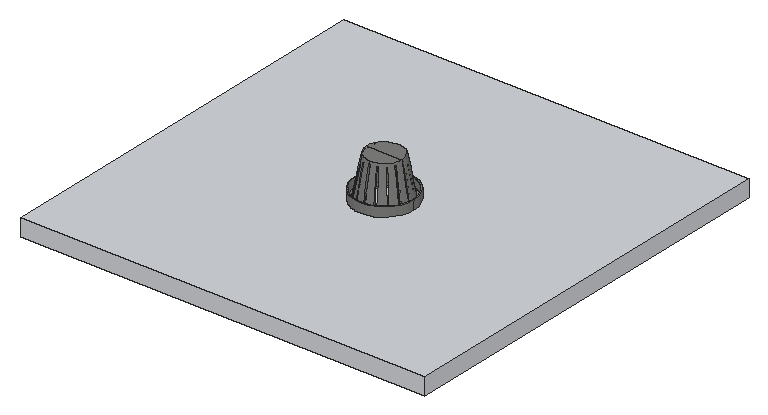
Revit family
Parameters (values of type "5"")
  URL = "WWW.MIFAB.COM"
  Top Diameter = 14.125"
  Roof Drain = Roof Drain
  R1 = 5.000"
  Pipe Radius = 2.500"
  Pipe Diameter = Pipe Radius * 2  # 5.000"
  Model = "R1200-SR"
  Manufacturer = "MIFAB"
  H3 = Body Height / 3.375  # 1.81481"
  H2 = Body Height / 1.99  # 3.07789"
  H1 = Body Height / 1.53  # 4.00327"
  Description = "LARGE SUMP ROOF DRAIN WITH PARABOLIC FLOW CONTROL WEIR"
  Default Elevation = 48.000"
  Body Height = 6.125"
Types (7): name | Pipe Radius | Pipe Diameter | H3 | H2 | H1 | Body Height
  (no name) | 2.500" | 5.000" | 1.81481" | 3.07789" | 4.00327" | 6.125"
  4" | 2.000" | 4.000" | 1.81481" | 3.07789" | 4.00327" | 6.125"
  2" | 1.000" | 2.000" | 1.81481" | 3.07789" | 4.00327" | 6.125"
  3" | 1.500" | 3.000" | 1.81481" | 3.07789" | 4.00327" | 6.125"
  5" | 2.500" | 5.000" | 1.81481" | 3.07789" | 4.00327" | 6.125"
  6" | 3.000" | 6.000" | 2.37037" | 4.0201" | 5.22876" | 8.000"
  8" | 4.000" | 8.000" | 2.37037" | 4.0201" | 5.22876" | 8.000"
Reference planes (in)
  plane 1 "Center (Front/Back)": y = 0
  plane 2: z = 0
  plane 3 "Center (Left/Right)": x = 0
  plane 4: x = 2.7
  plane 5: x = 4.25
  plane 6: x = 4.5
  plane 7: x = 5
  plane 8: x = 7.0625
  plane 9: x = 2.5
  plane 10: z = -6.125
  plane 11: z = -4.00327
  plane 12: z = -3.07789
  plane 13: z = -0.2
  plane 14: z = 0.2085
  plane 15: z = -1.81481
  plane 16: x = 4.2
  plane 17: z = 9.7
  plane 18: x = 6
  plane 19: x = -0.25
  plane 20: x = 0.25
  plane 21: z = 9.2
  plane 22: z = 0.7085
  plane 23: x = -7.0625
  plane 24: x = -4.2
  plane 25: z = 2.2
Forms (in)
  Extrusion 1, solid
    sketch origin (0, 0, 0) x (1, 0, 0) y (0, 1, 0)
      loop
        line (-48, 48) -> (-48, -48) -> (48, -48) -> (48, 48) -> (-48, 48)
    from 0 to -4
  Revolve 2, solid, material "Roof Drain" <- "Roof Drain"
    sketch origin (0, 0, 0) x (1, 0, 0) y (0, 0, 1)
      loop
        line (2.7, -6.125) -> (2.7, -4.00327) -> (4.25, -4.00327) -> (4.5, -0.2) -> (5, -0.2) -> (5, 0) -> (7.0625, 0) -> (7.0625, 2.2) -> (6.8625, 2.2) -> (6.8625, 0.2085) -> (4.31396, 0.2085) -> (4.05026, -3.80327) -> (2.5, -3.80327) -> (2.5, -6.125) -> (2.7, -6.125)
      axis (0, 2.2) -> (0, -6.125)
    angle from 0 to 360
  Revolve 3, solid, material "Roof Drain" <- "Roof Drain"
    sketch origin (0, 0, 0) x (1, 0, 0) y (0, 0, 1)
      loop
        line (0, 9.7) -> (0, 9.5) -> (4.03436, 9.5) -> (5.79644, 0.2085) -> (6, 0.2085) -> (4.2, 9.7) -> (0, 9.7)
      axis (0, 0.2085) -> (0, 9.7)
    angle from 0 to 360
  Extrusion 4, void
    sketch origin (0, 0, 0) x (1, 0, 0) y (0, 0, 1)
      loop
        line (-0.25, 9.2) -> (-0.25, 0.7085) -> (0.25, 0.7085) -> (0.25, 9.2) -> (-0.25, 9.2)
    from -6.43838 to 6.34689
  Extrusion 5, void
    sketch origin (0, 0, 0) x (0.92388, -0.382683, 0) y (0, 0, 1)
      loop
        line (-0.25, 9.2) -> (-0.25, 0.7085) -> (0.25, 0.7085) -> (0.25, 9.2) -> (-0.25, 9.2)
    from -6.43838 to 6.34689
  Extrusion 6, void
    sketch origin (0, 0, 0) x (0.92388, 0.382683, 0) y (0, 0, 1)
      loop
        line (-0.25, 9.2) -> (-0.25, 0.7085) -> (0.25, 0.7085) -> (0.25, 9.2) -> (-0.25, 9.2)
    from -6.43838 to 6.34689
  Extrusion 7, void
    sketch origin (0, 0, 0) x (0.707107, 0.707107, 0) y (0, 0, 1)
      loop
        line (-0.25, 9.2) -> (-0.25, 0.7085) -> (0.25, 0.7085) -> (0.25, 9.2) -> (-0.25, 9.2)
    from -6.43838 to 6.34689
  Extrusion 8, void
    sketch origin (0, 0, 0) x (0.382683, 0.92388, 0) y (0, 0, 1)
      loop
        line (-0.25, 9.2) -> (-0.25, 0.7085) -> (0.25, 0.7085) -> (0.25, 9.2) -> (-0.25, 9.2)
    from -6.43838 to 6.34689
  Extrusion 9, void
    sketch origin (0, 0, 0) x (0, 1, 0) y (0, 0, 1)
      loop
        line (-0.25, 9.2) -> (-0.25, 0.7085) -> (0.25, 0.7085) -> (0.25, 9.2) -> (-0.25, 9.2)
    from -6.43838 to 6.34689
  Extrusion 10, void
    sketch origin (0, 0, 0) x (-0.382683, 0.92388, 0) y (0, 0, 1)
      loop
        line (-0.25, 9.2) -> (-0.25, 0.7085) -> (0.25, 0.7085) -> (0.25, 9.2) -> (-0.25, 9.2)
    from -6.43838 to 6.34689
  Extrusion 11, void
    sketch origin (0, 0, 0) x (-0.707107, 0.707107, 0) y (0, 0, 1)
      loop
        line (-0.25, 9.2) -> (-0.25, 0.7085) -> (0.25, 0.7085) -> (0.25, 9.2) -> (-0.25, 9.2)
    from -6.43838 to 6.34689
Cuts and joins
  Extrusion 4, Extrusion 5, Extrusion 6, Extrusion 7, Extrusion 8, Extrusion 9, Extrusion 10, Extrusion 11 cuts Revolve 3
Dimensions and locks (in)
  "Pipe Radius": plane 9 to plane 3 "Center (Left/Right)"
  locked: plane 4 to plane 9 at 0.2
  "R1": plane 7 to plane 3 "Center (Left/Right)"
  locked: plane 5 to plane 3 "Center (Left/Right)" at 4.25
  locked: plane 6 to plane 3 "Center (Left/Right)" at 4.5
  "Body Height": level to plane 10
  level to plane 13 = 0.200"
  "H3": level to plane 15
  "H2": Extrusion 1 to plane 12
  "H1": level to plane 11
  locked: plane 18 to plane 3 "Center (Left/Right)" at 6
  locked: plane 17 to Revolve 3 sketch curve at 0.2
  locked: Revolve 3 sketch curve to Revolve 3 sketch curve at 0.2
  locked: Revolve 2 sketch curve to Revolve 2 sketch curve at 0.2
  locked: Revolve 2 sketch curve to Revolve 2 sketch curve at 0.21243
  locked: plane 17 to plane 21 at 0.5
  locked: plane 22 to plane 14 at 0.5
  equal spacing: plane 23, plane 3 "Center (Left/Right)", plane 8
  "Top Diameter": plane 23 to plane 8
  plane 24 to plane 16 = 8.400"
  plane 24 to plane 3 "Center (Left/Right)" to plane 16 = 4.200" locked, 4.200" locked
  plane 25 to level = 2.200"
  locked: plane 8 to Revolve 2 sketch curve at 0.2
  plane 17 to plane 25 = 7.500"
  aligned and locked: plane 2 to Extrusion 1
  aligned and locked: level to Extrusion 1
  aligned and locked: Revolve 2 sketch curve to plane 10
  aligned and locked: Revolve 2 sketch curve to plane 4
  aligned and locked: Revolve 2 sketch curve to plane 13
  aligned and locked: Revolve 2 sketch curve to plane 7
  aligned and locked: Extrusion 1 to Revolve 2 sketch curve
  aligned and locked: Revolve 2 sketch curve to plane 14
  aligned and locked: Revolve 2 sketch curve to plane 3 "Center (Left/Right)"
  aligned and locked: plane 9 to Revolve 2 sketch curve
  aligned and locked: Revolve 2 sketch curve to plane 11
  aligned and locked: plane 3 "Center (Left/Right)" to Revolve 3 sketch curve  (x2)
  aligned and locked: Revolve 3 sketch curve to plane 17
  aligned and locked: plane 16 to Revolve 3 sketch curve
  aligned and locked: Revolve 3 sketch curve to plane 14
  aligned and locked: Revolve 2 sketch curve to plane 25
  aligned and locked: Revolve 2 sketch curve to plane 8
Automatic sketch dimensions
  Extrusion 1 sketch curve to Extrusion 1 sketch curve = 96.000"  (x2)
  Revolve 3 sketch curve to plane 18 = 0.000"
  Revolve 3 sketch curve to Revolve 3 sketch curve = 5.000"
  Revolve 3 sketch curve to Revolve 3 sketch curve = 1.750"
  Extrusion 4 sketch curve to Extrusion 4 sketch curve = 0.500"
  Extrusion 4 sketch curve to Extrusion 4 sketch curve = 8.4915"
  Extrusion 5 sketch curve to Extrusion 5 sketch curve = 0.500"
  Extrusion 5 sketch curve to Extrusion 5 sketch curve = 8.4915"
  Extrusion 6 sketch curve to Extrusion 6 sketch curve = 0.500"
  Extrusion 6 sketch curve to Extrusion 6 sketch curve = 8.4915"
  Extrusion 7 sketch curve to Extrusion 7 sketch curve = 0.500"
  Extrusion 7 sketch curve to Extrusion 7 sketch curve = 8.4915"
  Extrusion 8 sketch curve to Extrusion 8 sketch curve = 0.500"
  Extrusion 8 sketch curve to Extrusion 8 sketch curve = 8.4915"
  Extrusion 9 sketch curve to Extrusion 9 sketch curve = 0.500"
  Extrusion 9 sketch curve to Extrusion 9 sketch curve = 8.4915"
  Extrusion 10 sketch curve to Extrusion 10 sketch curve = 0.500"
  Extrusion 10 sketch curve to Extrusion 10 sketch curve = 8.4915"
  Extrusion 11 sketch curve to Extrusion 11 sketch curve = 0.500"
  Extrusion 11 sketch curve to Extrusion 11 sketch curve = 8.4915"
  Revolve 2 sketch curve to plane 5 = 0.000"
  Revolve 2 sketch curve to plane 6 = 0.000"
  plane 10 to Revolve 2 sketch curve = 5.000"
  Revolve 2 sketch curve to Revolve 2 sketch curve = 11.000"
Connectors (in)
  piping at (0, 0, -6.125), driven by "Pipe Radius"
    settings: on Revolve 2, index 1, connector radius 2 1/2", flow factor 0, pipe flow 0 GPM, pressure drop 0.00 psi, fitting loss kfactor 0, connector angle 0.00°, fixture units 0, flow configuration 0, flow direction 2, fitting loss method 0, system type 16, connector reference index -1, connector utility 0, adjustable connector no, is connector primary yes, fitting loss table "", connector description ""
